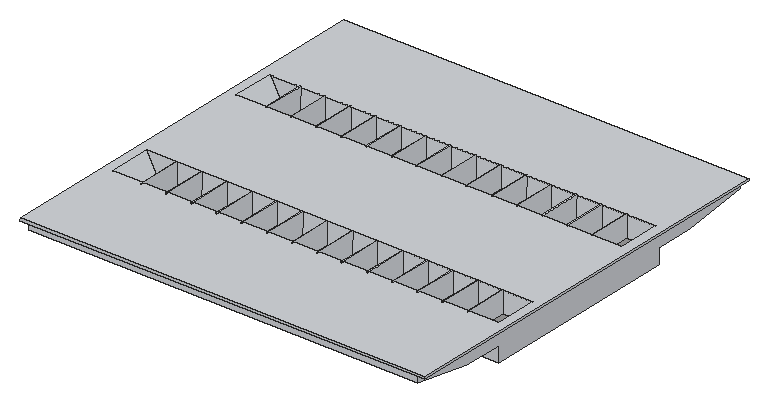
Revit family "0052587 Sylvania Lighting Fixture RANA NEO 3500LM REC 600x600 840 SSC EM 2L WHITE", category Lighting Fixtures, host Face, Revit 2016
Family settings
  Host = Face
  Part Type = Normal
  Round Connector Dimension = Use Diameter
  OmniClass Number = 23.80.70.00
  OmniClass Title = Lighting
  Cut with Voids When Loaded = No
  Light Source = Yes
  Shared = No
  Room Calculation Point = No
Parameters (values of type "0052587 RANA NEO 3500LM R 600 840 SSC EM 2L WHT")
  fin7 = 37 mm
  fin3 = 332 mm
  fin2 [instance] = 368 mm
  fin 6 = 110 mm
  fin 5 = 185 mm
  fin 4 = 258 mm
  fin 3 [instance] = 318 mm
  fin 2 = 407 mm
  fin 1 = 480 mm
  Width_SYL = if([600x600_SYL], 595 mm, if([625x625_SYL], 620 mm, if([1200_SYL], 296 mm, 306 mm)))  # 595 mm
  Weight = "n/a"
  Wattage Comments = ""
  Wattage = 28 W
  WarrantyStartDate [instance] = "n/a"
  WarrantyGuarantorParts = "n/a"
  WarrantyDurationUnit = "n/a"
  WarrantyDurationParts = ""
  WarrantyDescription = "http://www.sylvania-lighting.com"
  built-in parameter 1150110 = 1 (stored number, unit not read)
  Voltage = 0 V
  URL = "0.95"
  TypeName = "RANA NEO 3500LM REC 600x600 840 SSC EM 2L WHITE"
  Type Image = <None>
  Type Comments = "n/a"
  built-in parameter 1114217 = 1 (stored number, unit not read)
  TopWidth_SYL = if([600x600_SYL], 295 mm, if([625x625_SYL], 295 mm, if([1200_SYL], 165 mm, 165 mm)))  # 295 mm
  Tilt Angle = -90.00°
  built-in parameter 1150109 = 1 (stored number, unit not read)
  built-in parameter 1150134 = (empty or 0)
  built-in parameter 1150113 = 1 (stored number, unit not read)
  SlopeTopWidth_SYL = if([600x600_SYL], 410 mm, if([625x625_SYL], 410 mm, if([1200_SYL], 168 mm, 168 mm)))  # 410 mm
  SlopeBottomWidth_SYL = if([600x600_SYL], 593 mm, if([625x625_SYL], 593 mm, if([1200_SYL], 244 mm, 244 mm)))  # 593 mm
  SlopeHeight_SYL = if([600x600_SYL], 17 mm, if([625x625_SYL], 17 mm, if([1200_SYL], 40 mm, 40 mm)))  # 17 mm
  SerialNumber [instance] = "n/a"
  ReflectorNumber_SYL = if([1Ref_SYL], 2, if([2Ref_SYL], 2, 3))  # 2
  ReflectorLength_SYL = Length_SYL - Inset_SYL * 2 - 5 mm  # 550 mm
  ReflectorInset_SYL = if([1Ref_SYL], 82.4 mm, if([2Ref_SYL], 30 mm, 30 mm))  # 30 mm
  Photometric Web File = "0052587.ies"
  Material_3_SYL = none
  PowerFactor = 0.95
  PowerConsumption = "Lighting"
  NominalLength = 595 mm
  NominalHeight = 60 mm
  NominalDepth = 595 mm
  Name = "RANA NEO 3500LM REC 600x600 840 SSC EM 2L WHITE"
  ModelReference = Name  # "RANA NEO 3500LM REC 600x600 840 SSC EM 2L WHITE"
  ModelNumber = "0052587"
  Model = Name  # "RANA NEO 3500LM REC 600x600 840 SSC EM 2L WHITE"
  Material = "Feilo Sylvania"
  ManufacturerName = "106 lm/W"
  Manufacturer = ""
  LuminousEfficacy = ""
  built-in parameter 1150105 = 222.82 (stored number, unit not read)
  Lumens = 2800 lm
  LuminaireType = "0"
  built-in parameter 1150115 = 1 (stored number, unit not read)
  LouverNumber_SYL = if([600x600_SYL], 14, if([625x625_SYL], 14, if([1200_SYL], 28, 28)))  # 14
  LightOutputRatio = "LED"
  built-in parameter 1150137 = (empty or 0)
  built-in parameter 1150139 = (empty or 0)
  Length_SYL = if([600x600_SYL], 595 mm, if([625x625_SYL], 620 mm, if([1200_SYL], 1196 mm, 1246 mm)))  # 595 mm
  LampsType = Lamp  # "n/a"
  LampNominalLuminous = "4000 K"
  LampMacAdamStep = "80"
  LampColourTemperature = "LED"
  LampColourRenderingIndex = "16500"
  built-in parameter 1150112 = 1 (stored number, unit not read)
  built-in parameter 1150114 = 1 (stored number, unit not read)
  Lamp = "n/a"
  LED position [instance] = 410 mm
  LED inside width = 165 mm
  LED inner void = 521.5 mm
  LED Width = 290 mm
  LED Length = 568 mm
  Keynote = "n/a"
  InstallationDate [instance] = "n/a"
  Inset_SYL = 20 mm  # constant formula
  InputVoltage = "0"
  InputNominalFrequency = "4000"
  built-in parameter 1150132 = (empty or 0)
  built-in parameter 1150102 = (empty or 0)
  built-in parameter 1150107 = 3000 (stored number, unit not read)
  built-in parameter 1150138 = (empty or 0)
  IngressProtection = "IfcLightFixtureType"
  ImpactProtectionIndex = "IfcLightFixtureType"
  built-in parameter 1150106 = 2.2282 (stored number, unit not read)
  IfcExportType = "IfcLightFixtureType"
  IfcExportAs = "Class I"
  Height = 52 mm
  Emit from Rectangle Width = if([1Ref_SYL], 48 mm, TopWidth_SYL - 13 mm)  # 282 mm
  Emit from Rectangle Length = ReflectorLength_SYL - 8 mm  # 542 mm
  Emit Shape Visible in Rendering = no
  ElectricShockClassification = "106"
  built-in parameter 1150104 = 9.2903 (stored number, unit not read)
  DocumentationLiterature = "http://www.sylvania-lighting.com/product/en-int/products/0052587"
  DimmingControlOptions = "n/a"
  Material_2_SYL = none
  Dimming Lamp Color Temperature Shift = <None>
  Description = "-"
  Default Elevation = 1219.2 mm
  CreatedOn = "25/11/2019"
  CreatedBy = "@sylvania-lighting.com"
  Cost = 0
  Color Filter = 16777215
  built-in parameter 1114216 [instance] = (empty or 0)
  ClassificationValue = "EF_70_80"
  ClassificationName = "Uniclass2015"
  Material_1_SYL = none
  BarCode [instance] = "n/a"
  built-in parameter 1114218 = 1 (stored number, unit not read)
  built-in parameter 1150133 = 10 (stored number, unit not read)
  AssetType = "Fixed"
  AssetIdentifier [instance] = "n/a"
  Assembly Code = "D5020200"
  Apparent Load = 33 VA
  Material_4_SYL = none
  625x625_SYL = no
  600x600_SYL = yes
  2Ref_SYL = yes
  1Ref_SYL = no
  1200_SYL = no
Reference planes
  plane 1 "Center (Front/Back)": y = 0
  plane 2: z = 0
  plane 3 "Center (Left/Right)": x = 0
  plane 4: x = 297.5
  plane 5: x = -297.5
  plane 6: y = 297.5
  plane 7: y = -297.5
  plane 8: z = -120
  plane 9: z = -3
  plane 10: z = -12
  plane 11: z = -29
  plane 12: z = -52
  plane 13: y = -296.5
  plane 14: y = 296.5
  plane 15: y = 145
  plane 16: y = -145
  plane 17: y = 82.5
  plane 18: y = -82.5
  plane 19: x = -284
  plane 20: x = 284
  plane 21: y = 141
  plane 22: y = 86.5
  plane 23: x = -264
  plane 24: x = 257.5
  plane 25: x = -286
  plane 26: x = 286
  plane 27: y = -86.5
  plane 28: y = -141
  plane 29: x = 18.5
  plane 30: x = -18.5
  plane 31: x = 55
  plane 32: x = -55
  plane 33: x = 92.5
  plane 34: x = -92.5
  plane 35: x = 129
  plane 36: x = -129
  plane 37: x = 166
  plane 38: x = -166
  plane 39: x = -203.5
  plane 40: x = 203.5
  plane 41: x = -240
  plane 42: x = 240
  plane 43: x = 169.5
  plane 44: x = 162.5
  plane 45: x = 166.5
  plane 46: x = 165.5
Forms (mm)
  Extrusion 1, void
    sketch origin (0, 0, 0) x (1, 0, 0) y (0, 1, 0)
      loop
        line (-297.5, 297.5) -> (-297.5, -297.5) -> (297.5, -297.5) -> (297.5, 297.5) -> (-297.5, 297.5)
    from -120 to 0
  Extrusion 2, solid, detail levels medium+fine
    sketch origin (0, 0, 0) x (0, 1, 0) y (0, 0, 1)
      loop
        line (-296.5, 0) -> (-296.5, -12) -> (-205, -29) -> (-147.5, -29) -> (-147.5, -52) -> (147.5, -52) -> (147.5, -29) -> (205, -29) -> (296.5, -17.514) -> (296.5, 0) -> (-296.5, 0)
    from -286 to 286
  Extrusion 3, solid, detail levels medium+fine
    sketch origin (275, 1524, 1219.2) x (0, 1, 0) y (0, 0, 1)
      loop
        line (-1226.5, -1222.2) -> (-1226.5, -1219.2) -> (-1820.5, -1219.2) -> (-1820.5, -1222.2) -> (-1226.5, -1222.2)
    from 11 to 22.5
  Extrusion 4, solid, detail levels medium+fine
    sketch origin (-275, 1524, 1219.2) x (0, 1, 0) y (0, 0, 1)
      loop
        line (-1820.5, -1222.2) -> (-1227.5, -1222.2) -> (-1227.5, -1219.2) -> (-1820.5, -1219.2) -> (-1820.5, -1222.2)
    from -11 to -22.5
  Extrusion 5, solid, detail levels medium+fine
    sketch origin (0, 0, 0) x (0, 1, 0) y (0, 0, 1)
      loop
        line (-297.5, 0) -> (-297.5, -3) -> (-296.5, -3) -> (-296.5, 0) -> (-297.5, 0)
      loop
        line (297.5, -3) -> (297.5, 0) -> (296.5, 0) -> (296.5, -3) -> (297.5, -3)
    from -297.5 to 297.5
  Blend 6, void
    base sketch origin (0, 0, 0) x (1, 0, 0) y (0, 1, 0)
      loop
        line (-284, 145) -> (-284, 82.5) -> (284, 82.5) -> (284, 145) -> (-284, 145)
    top sketch origin (0, 0, 0) x (1, 0, 0) y (0, 1, 0)
      loop
        line (-264, 141) -> (-264, 86.5) -> (257.5, 86.5) -> (257.5, 141) -> (-264, 141)
    from 0 to -29
  Blend 7, void
    base sketch origin (0, 0, 0) x (1, 0, 0) y (0, 1, 0)
      loop
        line (-284, -82.5) -> (-284, -145) -> (284, -145) -> (284, -82.5) -> (-284, -82.5)
    top sketch origin (0, 0, 0) x (1, 0, 0) y (0, 1, 0)
      loop
        line (257.5, -86.5) -> (-264, -86.5) -> (-264, -141) -> (257.5, -141) -> (257.5, -86.5)
    from 0 to -29
  Extrusion 8, solid, detail levels fine
    sketch origin (0, 0, 0) x (1, 0, 0) y (0, 0, 1)
      loop
        line (162.5, -29) -> (169.5, -29) -> (166.5, 0) -> (165.5, 0) -> (162.5, -29)
    from -145 to -82.5
  Extrusion 9, solid, detail levels fine
    sketch origin (37.5, 0, 0) x (1, 0, 0) y (0, 0, 1)
      loop
        line (162.5, -29) -> (169.5, -29) -> (166.5, 0) -> (165.5, 0) -> (162.5, -29)
    from -145 to -82.5
  Extrusion 10, solid, detail levels fine
    sketch origin (74, 0, 0) x (1, 0, 0) y (0, 0, 1)
      loop
        line (162.5, -29) -> (169.5, -29) -> (166.5, 0) -> (165.5, 0) -> (162.5, -29)
    from -145 to -82.5
  Extrusion 11, solid, detail levels fine
    sketch origin (-37, 0, 0) x (1, 0, 0) y (0, 0, 1)
      loop
        line (162.5, -29) -> (169.5, -29) -> (166.5, 0) -> (165.5, 0) -> (162.5, -29)
    from -145 to -82.5
  Extrusion 12, solid, detail levels fine
    sketch origin (-73.5, 0, 0) x (1, 0, 0) y (0, 0, 1)
      loop
        line (162.5, -29) -> (169.5, -29) -> (166.5, 0) -> (165.5, 0) -> (162.5, -29)
    from -145 to -82.5
  Extrusion 13, solid, detail levels fine
    sketch origin (-111, 0, 0) x (1, 0, 0) y (0, 0, 1)
      loop
        line (162.5, -29) -> (169.5, -29) -> (166.5, 0) -> (165.5, 0) -> (162.5, -29)
    from -145 to -82.5
  Extrusion 14, solid, detail levels fine
    sketch origin (-147.5, 0, 0) x (1, 0, 0) y (0, 0, 1)
      loop
        line (162.5, -29) -> (169.5, -29) -> (166.5, 0) -> (165.5, 0) -> (162.5, -29)
    from -145 to -82.5
  Extrusion 15, solid, detail levels fine
    sketch origin (-184.5, 0, 0) x (1, 0, 0) y (0, 0, 1)
      loop
        line (162.5, -29) -> (169.5, -29) -> (166.5, 0) -> (165.5, 0) -> (162.5, -29)
    from -145 to -82.5
  Extrusion 16, solid, detail levels fine
    sketch origin (-221, 0, 0) x (1, 0, 0) y (0, 0, 1)
      loop
        line (162.5, -29) -> (169.5, -29) -> (166.5, 0) -> (165.5, 0) -> (162.5, -29)
    from -145 to -82.5
  Extrusion 17, solid, detail levels fine
    sketch origin (-258.5, 0, 0) x (1, 0, 0) y (0, 0, 1)
      loop
        line (162.5, -29) -> (169.5, -29) -> (166.5, 0) -> (165.5, 0) -> (162.5, -29)
    from -145 to -82.5
  Extrusion 18, solid, detail levels fine
    sketch origin (-295, 0, 0) x (1, 0, 0) y (0, 0, 1)
      loop
        line (162.5, -29) -> (169.5, -29) -> (166.5, 0) -> (165.5, 0) -> (162.5, -29)
    from -145 to -82.5
  Extrusion 19, solid, detail levels fine
    sketch origin (-332, 0, 0) x (1, 0, 0) y (0, 0, 1)
      loop
        line (162.5, -29) -> (169.5, -29) -> (166.5, 0) -> (165.5, 0) -> (162.5, -29)
    from -145 to -82.5
  Extrusion 20, solid, detail levels fine
    sketch origin (-369.5, 0, 0) x (1, 0, 0) y (0, 0, 1)
      loop
        line (162.5, -29) -> (169.5, -29) -> (166.5, 0) -> (165.5, 0) -> (162.5, -29)
    from -145 to -82.5
  Extrusion 21, solid, detail levels fine
    sketch origin (-406, 0, 0) x (1, 0, 0) y (0, 0, 1)
      loop
        line (162.5, -29) -> (169.5, -29) -> (166.5, 0) -> (165.5, 0) -> (162.5, -29)
    from -145 to -82.5
  Extrusion 22, solid, detail levels fine
    sketch origin (-406.072, 0, -0.017) x (1, 0, 0) y (0, 0, 1)
      loop
        line (162.5, -29) -> (169.5, -29) -> (166.5, 0) -> (165.5, 0) -> (162.5, -29)
    from 82.5 to 147.5
  Extrusion 23, solid, detail levels fine
    sketch origin (-369.572, 0, -0.017) x (1, 0, 0) y (0, 0, 1)
      loop
        line (162.5, -29) -> (169.5, -29) -> (166.5, 0) -> (165.5, 0) -> (162.5, -29)
    from 82.5 to 147.5
  Extrusion 24, solid, detail levels fine
    sketch origin (-331.998, 0, -0.017) x (1, 0, 0) y (0, 0, 1)
      loop
        line (162.5, -29) -> (169.5, -29) -> (166.5, 0) -> (165.5, 0) -> (162.5, -29)
    from 82.5 to 147.5
  Extrusion 25, solid, detail levels fine
    sketch origin (-294.998, 0, -0.017) x (1, 0, 0) y (0, 0, 1)
      loop
        line (162.5, -29) -> (169.5, -29) -> (166.5, 0) -> (165.5, 0) -> (162.5, -29)
    from 82.5 to 147.5
  Extrusion 26, solid, detail levels fine
    sketch origin (-258.498, 0, -0.017) x (1, 0, 0) y (0, 0, 1)
      loop
        line (162.5, -29) -> (169.5, -29) -> (166.5, 0) -> (165.5, 0) -> (162.5, -29)
    from 82.5 to 147.5
  Extrusion 27, solid, detail levels fine
    sketch origin (-221, 0, -0.017) x (1, 0, 0) y (0, 0, 1)
      loop
        line (162.5, -29) -> (169.5, -29) -> (166.5, 0) -> (165.5, 0) -> (162.5, -29)
    from 82.5 to 147.5
  Extrusion 28, solid, detail levels fine
    sketch origin (-184.5, 0, -0.017) x (1, 0, 0) y (0, 0, 1)
      loop
        line (162.5, -29) -> (169.5, -29) -> (166.5, 0) -> (165.5, 0) -> (162.5, -29)
    from 82.5 to 147.5
  Extrusion 29, solid, detail levels fine
    sketch origin (-147.5, 0, -0.017) x (1, 0, 0) y (0, 0, 1)
      loop
        line (162.5, -29) -> (169.5, -29) -> (166.5, 0) -> (165.5, 0) -> (162.5, -29)
    from 82.5 to 147.5
  Extrusion 30, solid, detail levels fine
    sketch origin (-111, 0, -0.017) x (1, 0, 0) y (0, 0, 1)
      loop
        line (162.5, -29) -> (169.5, -29) -> (166.5, 0) -> (165.5, 0) -> (162.5, -29)
    from 82.5 to 147.5
  Extrusion 31, solid, detail levels fine
    sketch origin (-73.5, 0, -0.017) x (1, 0, 0) y (0, 0, 1)
      loop
        line (162.5, -29) -> (169.5, -29) -> (166.5, 0) -> (165.5, 0) -> (162.5, -29)
    from 82.5 to 147.5
  Extrusion 32, solid, detail levels fine
    sketch origin (-37, 0, -0.017) x (1, 0, 0) y (0, 0, 1)
      loop
        line (162.5, -29) -> (169.5, -29) -> (166.5, 0) -> (165.5, 0) -> (162.5, -29)
    from 82.5 to 147.5
  Extrusion 33, solid, detail levels fine
    sketch origin (0, 0, -0.017) x (1, 0, 0) y (0, 0, 1)
      loop
        line (162.5, -29) -> (169.5, -29) -> (166.5, 0) -> (165.5, 0) -> (162.5, -29)
    from 82.5 to 147.5
  Extrusion 34, solid, detail levels fine
    sketch origin (37.5, 0, -0.017) x (1, 0, 0) y (0, 0, 1)
      loop
        line (162.5, -29) -> (169.5, -29) -> (166.5, 0) -> (165.5, 0) -> (162.5, -29)
    from 82.5 to 147.5
  Extrusion 35, solid, detail levels fine
    sketch origin (74, 0, -0.017) x (1, 0, 0) y (0, 0, 1)
      loop
        line (162.5, -29) -> (169.5, -29) -> (166.5, 0) -> (165.5, 0) -> (162.5, -29)
    from 82.5 to 147.5
  Extrusion 36, solid, material "Glass, White, High Luminance", detail levels fine
    sketch origin (0, 0, 0) x (1, 0, 0) y (0, 1, 0)
      loop
        line (-264, 141) -> (-264, 86.5) -> (257.5, 86.5) -> (257.5, 141) -> (-264, 141)
    from -29 to -28
  Extrusion 37, solid, material "Glass, White, High Luminance", detail levels fine
    sketch origin (0, 0, 0) x (1, 0, 0) y (0, 1, 0)
      loop
        line (-264, -86.5) -> (-264, -141) -> (257.5, -141) -> (257.5, -86.5) -> (-264, -86.5)
    from -29 to -28
  Extrusion 38, solid, detail levels coarse
    sketch origin (0, 0, 0) x (1, 0, 0) y (0, 1, 0)
      loop
        line (-297.5, 297.5) -> (-297.5, -297.5) -> (297.5, -297.5) -> (297.5, 297.5) -> (-297.5, 297.5)
    from -52 to 0
Cuts and joins
  Blend 6, Blend 7 cuts Extrusion 2
  Blend 6, Blend 7 cuts Extrusion 3
  Blend 6, Blend 7 cuts Extrusion 4
  Blend 6, Blend 7 cuts Extrusion 5
  joined: Extrusion 2, Extrusion 3, Extrusion 4, Extrusion 5
Dimensions and locks
  "Length_SYL": plane 5 to plane 4
  locked: plane 2 to plane 8 at 120
  locked: plane 2 to plane 9 at 3
  locked: plane 2 to plane 10 at 12
  "SlopeHeight_SYL": plane 11 to plane 10
  "Height": plane 2 to plane 12
  equal spacing: plane 13, plane 1 "Center (Front/Back)", plane 14
  "SlopeBottomWidth_SYL": plane 13 to plane 14
  "LED Width": plane 15 to plane 16
  equal spacing: plane 15, plane 1 "Center (Front/Back)", plane 16
  "LED inside width": plane 17 to plane 18
  equal spacing: plane 17, plane 1 "Center (Front/Back)", plane 18
  "LED Length": plane 19 to plane 20
  equal spacing: plane 19, plane 3 "Center (Left/Right)", plane 20
  "LED inner void": plane 23 to plane 24
  "fin7": plane 29 to plane 30
  equal spacing: plane 29, plane 3 "Center (Left/Right)", plane 30
  "fin 6": plane 31 to plane 32
  equal spacing: plane 31, plane 3 "Center (Left/Right)", plane 32
  "fin 5": plane 33 to plane 34
  equal spacing: plane 33, plane 3 "Center (Left/Right)", plane 34
  "fin 4": plane 35 to plane 36
  equal spacing: plane 35, plane 3 "Center (Left/Right)", plane 36
  "fin 2": plane 40 to plane 39
  equal spacing: plane 40, plane 3 "Center (Left/Right)", plane 39
  "fin3": plane 37 to plane 38
  equal spacing: plane 37, plane 3 "Center (Left/Right)", plane 38
  "fin 1": plane 42 to plane 41
  equal spacing: plane 42, plane 3 "Center (Left/Right)", plane 41
  aligned and locked: plane 2 to host face
  aligned and locked: level to host face
  aligned and locked: plane 6 to Extrusion 1 sketch curve
  aligned and locked: plane 5 to Extrusion 1 sketch curve
  aligned and locked: Extrusion 1 sketch curve to plane 7
  aligned and locked: Extrusion 1 sketch curve to plane 4
  aligned and locked: level to Extrusion 1
  aligned and locked: plane 8 to Extrusion 1
  aligned and locked: plane 2 to Extrusion 1
  aligned and locked: plane 10 to Extrusion 2 sketch curve
  aligned and locked: plane 12 to Extrusion 2 sketch curve
  aligned and locked: plane 11 to Extrusion 2 sketch curve  (x2)
  aligned and locked: Extrusion 2 sketch curve to level
  aligned and locked: Extrusion 3 sketch curve to Extrusion 2
  aligned and locked: plane 6 to Extrusion 3 sketch curve
  aligned and locked: plane 4 to Extrusion 3
  aligned and locked: cut or joined group of Extrusion 2, Extrusion 3, Extrusion 4, Extrusion 5, Blend 6, Blend 7 to Extrusion 4 sketch curve  (x3)
  aligned and locked: Extrusion 4 sketch curve to cut or joined group of Extrusion 2, Extrusion 3, Extrusion 4, Extrusion 5, Blend 6, Blend 7
  aligned and locked: Extrusion 4 to plane 5
  aligned and locked: Extrusion 3 to Extrusion 2
  aligned and locked: Extrusion 4 to Extrusion 2
  aligned and locked: plane 14 to Extrusion 2 sketch curve
  aligned and locked: plane 13 to Extrusion 2 sketch curve
  aligned and locked: Extrusion 5 sketch curve to level  (x2)
  aligned and locked: Extrusion 5 sketch curve to plane 7
  aligned and locked: Extrusion 5 sketch curve to cut or joined group of Extrusion 2, Extrusion 3, Extrusion 4, Extrusion 5, Blend 6, Blend 7  (x4)
  aligned and locked: cut or joined group of Extrusion 2, Extrusion 3, Extrusion 4, Extrusion 5, Blend 6, Blend 7 to Extrusion 5 sketch curve
  aligned and locked: Extrusion 5 to plane 5
  aligned and locked: plane 4 to Extrusion 5
Automatic sketch dimensions
  host sketch curve to host sketch curve = 1219.2 mm
  host sketch curve to host sketch curve = 1211.616 mm
  Extrusion 2 sketch curve to plane 16 = 60 mm
  Extrusion 2 sketch curve to plane 16 = 2.5 mm
  plane 15 to Extrusion 2 sketch curve = 2.5 mm
  Extrusion 2 sketch curve to Extrusion 2 sketch curve = 57.5 mm
  plane 10 to Extrusion 2 sketch curve = 5.514 mm
  plane 9 to Extrusion 3 sketch curve = 0 mm
  Extrusion 3 sketch curve to plane 13 = 0 mm
  Blend 6 sketch curve to plane 17 = 0 mm
  Blend 6 sketch curve to plane 19 = 0 mm
  Blend 6 sketch curve to plane 20 = 0 mm
  Blend 6 sketch curve to plane 15 = 0 mm
  Blend 6 sketch curve to plane 22 = 0 mm
  Blend 6 sketch curve to plane 23 = 0 mm
  Blend 6 sketch curve to plane 24 = 0 mm
  Blend 6 sketch curve to plane 21 = 0 mm
  Blend 7 sketch curve to plane 16 = 0 mm
  Blend 7 sketch curve to plane 19 = 0 mm
  Blend 7 sketch curve to plane 20 = 0 mm
  Blend 7 sketch curve to plane 18 = 0 mm
  Blend 7 sketch curve to plane 23 = 0 mm
  Blend 7 sketch curve to plane 24 = 0 mm
  Blend 7 sketch curve to plane 28 = 0 mm
  Blend 7 sketch curve to plane 27 = 0 mm
  Extrusion 8 sketch curve to plane 11 = 0 mm
  Extrusion 8 sketch curve to plane 44 = 0 mm
  Extrusion 8 sketch curve to level = 0 mm
  Extrusion 8 sketch curve to plane 46 = 0 mm
  Extrusion 8 sketch curve to plane 45 = 0 mm
  Extrusion 8 sketch curve to plane 43 = 0 mm
  Extrusion 9 sketch curve to plane 11 = 0 mm
  Extrusion 9 sketch curve to level = 0 mm
  Extrusion 9 sketch curve to plane 40 = 3.5 mm
  Extrusion 9 sketch curve to plane 40 = 0.5 mm
  plane 40 to Extrusion 9 sketch curve = 0.5 mm
  plane 40 to Extrusion 9 sketch curve = 3.5 mm
  Extrusion 10 sketch curve to plane 11 = 0 mm
  Extrusion 10 sketch curve to level = 0 mm
  Extrusion 10 sketch curve to plane 42 = 3.5 mm
  Extrusion 10 sketch curve to plane 42 = 0.5 mm
  plane 42 to Extrusion 10 sketch curve = 0.5 mm
  plane 42 to Extrusion 10 sketch curve = 3.5 mm
  Extrusion 11 sketch curve to plane 11 = 0 mm
  Extrusion 11 sketch curve to level = 0 mm
  Extrusion 11 sketch curve to plane 35 = 3.5 mm
  Extrusion 11 sketch curve to plane 35 = 0.5 mm
  plane 35 to Extrusion 11 sketch curve = 0.5 mm
  plane 35 to Extrusion 11 sketch curve = 3.5 mm
  Extrusion 12 sketch curve to plane 11 = 0 mm
  Extrusion 12 sketch curve to level = 0 mm
  Extrusion 12 sketch curve to plane 33 = 3.5 mm
  Extrusion 12 sketch curve to plane 33 = 0.5 mm
  plane 33 to Extrusion 12 sketch curve = 0.5 mm
  plane 33 to Extrusion 12 sketch curve = 3.5 mm
  Extrusion 13 sketch curve to plane 11 = 0 mm
  Extrusion 13 sketch curve to level = 0 mm
  Extrusion 13 sketch curve to plane 31 = 3.5 mm
  Extrusion 13 sketch curve to plane 31 = 0.5 mm
  plane 31 to Extrusion 13 sketch curve = 0.5 mm
  plane 31 to Extrusion 13 sketch curve = 3.5 mm
  Extrusion 14 sketch curve to plane 11 = 0 mm
  Extrusion 14 sketch curve to level = 0 mm
  Extrusion 14 sketch curve to plane 29 = 3.5 mm
  Extrusion 14 sketch curve to plane 29 = 0.5 mm
  plane 29 to Extrusion 14 sketch curve = 0.5 mm
  plane 29 to Extrusion 14 sketch curve = 3.5 mm
  Extrusion 15 sketch curve to plane 11 = 0 mm
  Extrusion 15 sketch curve to level = 0 mm
  Extrusion 15 sketch curve to plane 30 = 3.5 mm
  Extrusion 15 sketch curve to plane 30 = 0.5 mm
  plane 30 to Extrusion 15 sketch curve = 0.5 mm
  plane 30 to Extrusion 15 sketch curve = 3.5 mm
  Extrusion 16 sketch curve to plane 11 = 0 mm
  Extrusion 16 sketch curve to level = 0 mm
  Extrusion 16 sketch curve to plane 32 = 3.5 mm
  Extrusion 16 sketch curve to plane 32 = 0.5 mm
  plane 32 to Extrusion 16 sketch curve = 0.5 mm
  plane 32 to Extrusion 16 sketch curve = 3.5 mm
  Extrusion 17 sketch curve to plane 11 = 0 mm
  Extrusion 17 sketch curve to level = 0 mm
  Extrusion 17 sketch curve to plane 34 = 3.5 mm
  Extrusion 17 sketch curve to plane 34 = 0.5 mm
  plane 34 to Extrusion 17 sketch curve = 0.5 mm
  plane 34 to Extrusion 17 sketch curve = 3.5 mm
  Extrusion 18 sketch curve to plane 11 = 0 mm
  Extrusion 18 sketch curve to level = 0 mm
  Extrusion 18 sketch curve to plane 36 = 3.5 mm
  Extrusion 18 sketch curve to plane 36 = 0.5 mm
  plane 36 to Extrusion 18 sketch curve = 0.5 mm
  plane 36 to Extrusion 18 sketch curve = 3.5 mm
  Extrusion 19 sketch curve to plane 11 = 0 mm
  Extrusion 19 sketch curve to level = 0 mm
  Extrusion 19 sketch curve to plane 38 = 3.5 mm
  Extrusion 19 sketch curve to plane 38 = 0.5 mm
  plane 38 to Extrusion 19 sketch curve = 0.5 mm
  plane 38 to Extrusion 19 sketch curve = 3.5 mm
  Extrusion 20 sketch curve to plane 11 = 0 mm
  Extrusion 20 sketch curve to level = 0 mm
  Extrusion 20 sketch curve to plane 39 = 3.5 mm
  Extrusion 20 sketch curve to plane 39 = 0.5 mm
  plane 39 to Extrusion 20 sketch curve = 0.5 mm
  plane 39 to Extrusion 20 sketch curve = 3.5 mm
  Extrusion 21 sketch curve to plane 11 = 0 mm
  Extrusion 21 sketch curve to level = 0 mm
  Extrusion 21 sketch curve to plane 41 = 3.5 mm
  Extrusion 21 sketch curve to plane 41 = 0.5 mm
  plane 41 to Extrusion 21 sketch curve = 0.5 mm
  plane 41 to Extrusion 21 sketch curve = 3.5 mm
  plane 11 to Extrusion 22 sketch curve = 0.017 mm
  Extrusion 22 sketch curve to plane 41 = 3.572 mm
  Extrusion 22 sketch curve to level = 0.017 mm
  Extrusion 22 sketch curve to plane 41 = 0.572 mm
  plane 41 to Extrusion 22 sketch curve = 0.428 mm
  plane 41 to Extrusion 22 sketch curve = 3.428 mm
  plane 11 to Extrusion 23 sketch curve = 0.017 mm
  Extrusion 23 sketch curve to plane 39 = 3.572 mm
  Extrusion 23 sketch curve to level = 0.017 mm
  Extrusion 23 sketch curve to plane 39 = 0.572 mm
  plane 39 to Extrusion 23 sketch curve = 0.428 mm
  plane 39 to Extrusion 23 sketch curve = 3.428 mm
  plane 11 to Extrusion 24 sketch curve = 0.017 mm
  Extrusion 24 sketch curve to plane 38 = 3.498 mm
  Extrusion 24 sketch curve to level = 0.017 mm
  Extrusion 24 sketch curve to plane 38 = 0.498 mm
  plane 38 to Extrusion 24 sketch curve = 0.502 mm
  plane 38 to Extrusion 24 sketch curve = 3.502 mm
  plane 11 to Extrusion 25 sketch curve = 0.017 mm
  Extrusion 25 sketch curve to plane 36 = 3.498 mm
  Extrusion 25 sketch curve to level = 0.017 mm
  Extrusion 25 sketch curve to plane 36 = 0.498 mm
  plane 36 to Extrusion 25 sketch curve = 0.502 mm
  plane 36 to Extrusion 25 sketch curve = 3.502 mm
  plane 11 to Extrusion 26 sketch curve = 0.017 mm
  Extrusion 26 sketch curve to plane 34 = 3.498 mm
  Extrusion 26 sketch curve to level = 0.017 mm
  Extrusion 26 sketch curve to plane 34 = 0.498 mm
  plane 34 to Extrusion 26 sketch curve = 0.502 mm
  plane 34 to Extrusion 26 sketch curve = 3.502 mm
  plane 11 to Extrusion 27 sketch curve = 0.017 mm
  Extrusion 27 sketch curve to plane 32 = 3.5 mm
  Extrusion 27 sketch curve to level = 0.017 mm
  Extrusion 27 sketch curve to plane 32 = 0.5 mm
  plane 32 to Extrusion 27 sketch curve = 0.5 mm
  plane 32 to Extrusion 27 sketch curve = 3.5 mm
  plane 11 to Extrusion 28 sketch curve = 0.017 mm
  Extrusion 28 sketch curve to plane 30 = 3.5 mm
  Extrusion 28 sketch curve to level = 0.017 mm
  Extrusion 28 sketch curve to plane 30 = 0.5 mm
  plane 30 to Extrusion 28 sketch curve = 0.5 mm
  plane 30 to Extrusion 28 sketch curve = 3.5 mm
  plane 11 to Extrusion 29 sketch curve = 0.017 mm
  Extrusion 29 sketch curve to plane 29 = 3.5 mm
  Extrusion 29 sketch curve to level = 0.017 mm
  Extrusion 29 sketch curve to plane 29 = 0.5 mm
  plane 29 to Extrusion 29 sketch curve = 0.5 mm
  plane 29 to Extrusion 29 sketch curve = 3.5 mm
  plane 11 to Extrusion 30 sketch curve = 0.017 mm
  Extrusion 30 sketch curve to plane 31 = 3.5 mm
  Extrusion 30 sketch curve to level = 0.017 mm
  Extrusion 30 sketch curve to plane 31 = 0.5 mm
  plane 31 to Extrusion 30 sketch curve = 0.5 mm
  plane 31 to Extrusion 30 sketch curve = 3.5 mm
  plane 11 to Extrusion 31 sketch curve = 0.017 mm
  Extrusion 31 sketch curve to plane 33 = 3.5 mm
  Extrusion 31 sketch curve to level = 0.017 mm
  Extrusion 31 sketch curve to plane 33 = 0.5 mm
  plane 33 to Extrusion 31 sketch curve = 0.5 mm
  plane 33 to Extrusion 31 sketch curve = 3.5 mm
  plane 11 to Extrusion 32 sketch curve = 0.017 mm
  Extrusion 32 sketch curve to plane 35 = 3.5 mm
  Extrusion 32 sketch curve to level = 0.017 mm
  Extrusion 32 sketch curve to plane 35 = 0.5 mm
  plane 35 to Extrusion 32 sketch curve = 0.5 mm
  plane 35 to Extrusion 32 sketch curve = 3.5 mm
  Extrusion 33 sketch curve to plane 44 = 0 mm
  Extrusion 33 sketch curve to plane 46 = 0 mm
  Extrusion 33 sketch curve to plane 45 = 0 mm
  Extrusion 33 sketch curve to plane 43 = 0 mm
  plane 11 to Extrusion 33 sketch curve = 0.017 mm
  Extrusion 33 sketch curve to level = 0.017 mm
  plane 11 to Extrusion 34 sketch curve = 0.017 mm
  Extrusion 34 sketch curve to plane 40 = 3.5 mm
  Extrusion 34 sketch curve to level = 0.017 mm
  Extrusion 34 sketch curve to plane 40 = 0.5 mm
  plane 40 to Extrusion 34 sketch curve = 0.5 mm
  plane 40 to Extrusion 34 sketch curve = 3.5 mm
  plane 11 to Extrusion 35 sketch curve = 0.017 mm
  Extrusion 35 sketch curve to plane 42 = 3.5 mm
  Extrusion 35 sketch curve to level = 0.017 mm
  Extrusion 35 sketch curve to plane 42 = 0.5 mm
  plane 42 to Extrusion 35 sketch curve = 0.5 mm
  plane 42 to Extrusion 35 sketch curve = 3.5 mm
  Extrusion 36 sketch curve to plane 22 = 0 mm
  Extrusion 36 sketch curve to plane 23 = 0 mm
  Extrusion 36 sketch curve to plane 24 = 0 mm
  Extrusion 36 sketch curve to plane 21 = 0 mm
  Extrusion 37 sketch curve to plane 23 = 0 mm
  Extrusion 37 sketch curve to plane 24 = 0 mm
  Extrusion 37 sketch curve to plane 28 = 0 mm
  Extrusion 37 sketch curve to plane 27 = 0 mm
  Extrusion 38 sketch curve to plane 5 = 0 mm
  Extrusion 38 sketch curve to plane 4 = 0 mm
  plane 7 to Extrusion 38 sketch curve = 0 mm
  plane 6 to Extrusion 38 sketch curve = 0 mm
Connectors
  electrical at (0, 0, -52), driven by "Voltage", driven by "Apparent Load", driven by "PowerFactor"
    settings: on cut or joined group of Extrusion 2, Extrusion 3, Extrusion 4, Extrusion 5, Blend 6, Blend 7, index 1, voltage 0 V, apparent load 33 VA, apparent load phase1 0 VA, apparent load phase2 0 VA, apparent load phase3 0 VA, power factor 0.95, load classification "Lighting", number of poles 1, system type 30, power factor state 1, is connector primary yes, connector utility no, sub classification motor no, connector description ""
